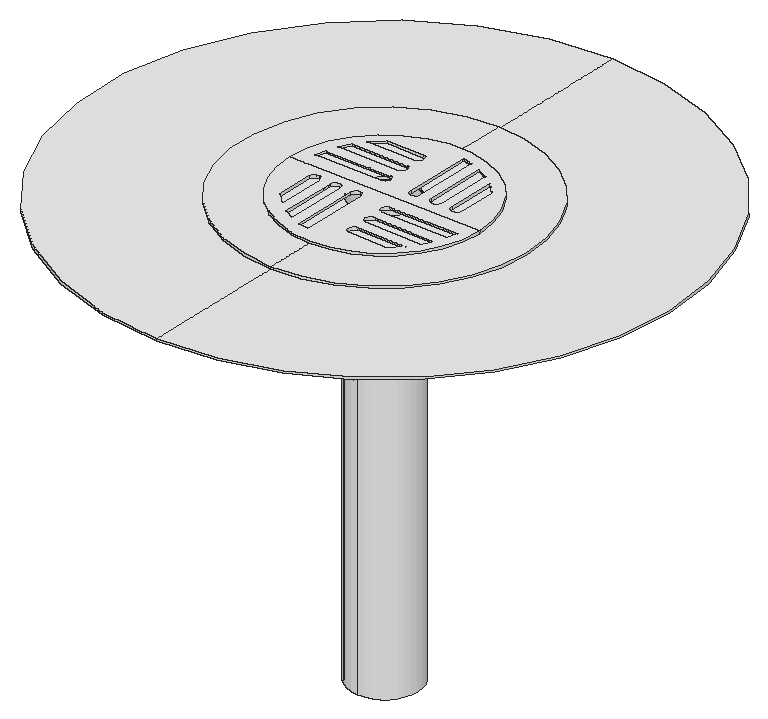
Revit family "Plumbing_Drainage_Menzies-Metal_Clamp-Tite_Aluminum-Flat-Top-Drain-no-Bowl", category Plumbing Fixtures, host Face, Revit 2018
Family settings
  Host = Face
  Round Connector Dimension = Use Diameter
  Part Type = Normal
  OmniClass Number = 23.70.50.21.24.11
  OmniClass Title = Roof Waste Water Drains
  Cut with Voids When Loaded = No
  Shared = No
  Room Calculation Point = No
Parameters (values of type "2"")
  Weight = 2.35 lbf
  URL = "https://www.menzies-metal.com/flat-roofing/clamp-tite-aluminum-flat-top-drain-no-bowl/"
  Product data url = "https://www.bimobject.com/menzies-metal/product/clamptite-flat-top-aluminum"
  Product Material = Metal - Menzies Metal Products - Aluminum
  Product Guid = "68190259-dc37-41aa-b211-56b248653319"
  Pipe Length Note = "Longer pipes available.  Pipes can be field cut to the desired length."  # constant formula
  Pipe Length = 12"
  Pipe Diameter = 1 7/8"
  Model = "300-3450"
  Manufacturer = "Menzies Metal Products"  # constant formula
  Edition number = 1
  Drain Flow = 0 GPM
  Description = "Clamp-Tite Aluminum Flat Top Drain No Bowl"  # constant formula
  Default Elevation = 48"
  Assembly Code = "D2040200"
Types (3): name | Weight | Pipe Diameter | Model
  2" | 2.35 lbf | 1 7/8" | "300-3450"
  3" | 2.55 lbf | 2 3/4" | "300-3451"
  4" | 3.75 lbf | 3 3/4" | "300-3452"
Reference planes (in)
  plane 1 "Center (Front/Back)": y = 0
  plane 2: z = 0
  plane 3 "Center (Left/Right)": x = 0
  plane 4: z = -12
  plane 5: y = 0.9375
  plane 6: y = -0.9375
  plane 7: y = 0.40591
  plane 8: y = -0.40591
  plane 9: z = 0
  plane 10: z = 0.05867
Forms (in)
  Revolve 1, solid, material "Metal - Menzies Metal Products - Aluminum" <- "Product Material", detail levels coarse
    sketch origin (0, 0, 0) x (0, 1, 0) y (0, 0, 1)
      loop
        line (8, 0.05867) -> (0, 0.05867) -> (0, -12) -> (0.9375, -12) -> (0.9375, 0) -> (8, 0) -> (8, 0.05867)
      axis (0, 0.05867) -> (0, -12)
    angle from 0 to 360
  Revolve 2, solid, material "Metal - Menzies Metal Products - Aluminum" <- "Product Material", detail levels medium+fine
    sketch origin (0, 0, 0) x (0, 1, 0) y (0, 0, 1)
      loop
        line (0.9375, 0) -> (8, 0) -> (8, 0.05867) -> (0.88672, 0.05867) -> (0.88672, -12) -> (0.9375, -12) -> (0.9375, 0)
      axis (0, 0.05867) -> (0, -12)
    angle from 0 to 360
  Revolve 3, void
    sketch origin (0, 0, 0) x (0, 1, 0) y (0, 0, 1)
      loop
        line (0.9375, -12) -> (0.9375, 0) -> (0, 0) -> (0, -12) -> (0.9375, -12)
      axis (0, 0) -> (0, -12)
    angle from 0 to 360
  Revolve 4, solid, material "Metal - Menzies Metal Products - Aluminum" <- "Product Material", detail levels medium+fine
    sketch origin (0, 0, 0) x (0, 1, 0) y (0, 0, 1)
      loop
        line (0.88672, 0.05867) -> (4, 0.05867) -> (4, 0.11968) -> (0.88672, 0.11968) -> (0.88672, 0.05867)
      axis (0, 0.11968) -> (0, 0.05867)
    angle from 0 to 360
  Revolve 5, solid, material "Metal - Menzies Metal Products - Aluminum" <- "Product Material", detail levels medium+fine
    sketch origin (0, 0, 0) x (1, 0, 0) y (0, 0, 1)
      loop
        line (0, 0.11968) -> (0, 0.17968) -> (-2.66, 0.17968) -> (-2.66, 0.11968) -> (0, 0.11968)
      axis (0, 0.17968) -> (0, 0.11968)
    angle from 0 to 360
  Extrusion 6, void
    sketch origin (0, 0, 0.17968) x (0, 1, 0) y (-1, 0, 0)
      loop
        line (-2.27459, 0.34093) -> (-0.41257, 0.34093)
        arc (-0.41257, 0.34093) -> (-0.26441, 0.48909) -> (-0.41257, 0.63726) r 0.14817
        line (-0.41257, 0.63726) -> (-2.20995, 0.63726)
        arc (-2.20995, 0.63726) -> (-2.24716, 0.49016) -> (-2.27459, 0.34093) r 2.3
      loop
        line (-2.10848, 0.91887) -> (-0.41257, 0.91887)
        arc (-0.41257, 0.91887) -> (-0.26451, 1.06693) -> (-0.41257, 1.215) r 0.14806
        line (-0.41257, 1.215) -> (-1.95289, 1.215)
        arc (-1.95289, 1.215) -> (-2.03608, 1.06976) -> (-2.10848, 0.91887) r 2.3
      loop
        line (-1.74516, 1.49814) -> (-0.41257, 1.49814)
        arc (-0.41257, 1.49814) -> (-0.2632, 1.64751) -> (-0.41257, 1.79689) r 0.14937
        line (-0.41257, 1.79689) -> (-1.43569, 1.79689)
        arc (-1.43569, 1.79689) -> (-1.59742, 1.65476) -> (-1.74516, 1.49814) r 2.3
      loop
        line (2.31852, -0.35561) -> (0.4565, -0.35561)
        arc (0.4565, -0.35561) -> (0.30834, -0.50377) -> (0.4565, -0.65194) r 0.14817
        line (0.4565, -0.65194) -> (2.25389, -0.65194)
        arc (2.25389, -0.65194) -> (2.2911, -0.50484) -> (2.31852, -0.35561) r 2.3
      loop
        line (2.15241, -0.93355) -> (0.4565, -0.93355)
        arc (0.4565, -0.93355) -> (0.30844, -1.08161) -> (0.4565, -1.22968) r 0.14806
        line (0.4565, -1.22968) -> (1.99682, -1.22968)
        arc (1.99682, -1.22968) -> (2.08001, -1.08444) -> (2.15241, -0.93355) r 2.3
      loop
        line (1.78909, -1.51282) -> (0.4565, -1.51282)
        arc (0.4565, -1.51282) -> (0.30713, -1.66219) -> (0.4565, -1.81157) r 0.14937
        line (0.4565, -1.81157) -> (1.47962, -1.81157)
        arc (1.47962, -1.81157) -> (1.64136, -1.66944) -> (1.78909, -1.51282) r 2.3
      loop
        line (0.4286, 2.29335) -> (0.4286, 0.43133)
        arc (0.4286, 0.43133) -> (0.57676, 0.28317) -> (0.72493, 0.43133) r 0.14817
        line (0.72493, 0.43133) -> (0.72493, 2.22872)
        arc (0.72493, 2.22872) -> (0.57783, 2.26592) -> (0.4286, 2.29335) r 2.3
      loop
        line (1.00654, 2.12724) -> (1.00654, 0.43133)
        arc (1.00654, 0.43133) -> (1.1546, 0.28327) -> (1.30267, 0.43133) r 0.14806
        line (1.30267, 0.43133) -> (1.30267, 1.97165)
        arc (1.30267, 1.97165) -> (1.15744, 2.05484) -> (1.00654, 2.12724) r 2.3
      loop
        line (1.58581, 1.76392) -> (1.58581, 0.43133)
        arc (1.58581, 0.43133) -> (1.73518, 0.28196) -> (1.88456, 0.43133) r 0.14937
        line (1.88456, 0.43133) -> (1.88456, 1.45445)
        arc (1.88456, 1.45445) -> (1.74243, 1.61618) -> (1.58581, 1.76392) r 2.3
      loop
        line (-0.3839, -2.35396) -> (-0.3839, -0.49194)
        arc (-0.3839, -0.49194) -> (-0.53207, -0.34377) -> (-0.68024, -0.49194) r 0.14817
        line (-0.68024, -0.49194) -> (-0.68024, -2.28932)
        arc (-0.68024, -2.28932) -> (-0.53314, -2.32653) -> (-0.3839, -2.35396) r 2.3
      loop
        line (-0.96185, -2.18785) -> (-0.96185, -0.49194)
        arc (-0.96185, -0.49194) -> (-1.10991, -0.34388) -> (-1.25797, -0.49194) r 0.14806
        line (-1.25797, -0.49194) -> (-1.25797, -2.03226)
        arc (-1.25797, -2.03226) -> (-1.11274, -2.11544) -> (-0.96185, -2.18785) r 2.3
      loop
        line (-1.54111, -1.82453) -> (-1.54111, -0.49194)
        arc (-1.54111, -0.49194) -> (-1.69049, -0.34257) -> (-1.83986, -0.49194) r 0.14937
        line (-1.83986, -0.49194) -> (-1.83986, -1.51506)
        arc (-1.83986, -1.51506) -> (-1.69774, -1.67679) -> (-1.54111, -1.82453) r 2.3
    from -0.17968 to 1.03965
  Revolve 7, solid, material "Metal - Menzies Metal Products - Aluminum" <- "Product Material", detail levels coarse
    sketch origin (0, 0, 0) x (1, 0, 0) y (0, 0, 1)
      loop
        line (0, 0.05867) -> (0, 0.11968) -> (-4, 0.11968) -> (-4, 0.05867) -> (0, 0.05867)
      axis (0, 0.11968) -> (0, 0.05867)
    angle from 0 to 360
  Revolve 8, solid, material "Metal - Menzies Metal Products - Aluminum" <- "Product Material", detail levels coarse
    sketch origin (0, 0, 0) x (0, 1, 0) y (0, 0, 1)
      loop
        line (0, 0.11968) -> (2.66, 0.11968) -> (2.66, 0.17968) -> (0, 0.17968) -> (0, 0.11968)
      axis (0, 0.17968) -> (0, 0.11968)
    angle from 0 to 360
  Revolve 9, solid, material "Metal - Menzies Metal Products - Aluminum" <- "Product Material", detail levels coarse
    sketch origin (0, 0, 0) x (1, 0, 0) y (0, 0, 1)
      loop
        line (0, 0.05867) -> (0, 0.11968) -> (-4, 0.11968) -> (-4, 0.05867) -> (0, 0.05867)
      axis (0, 0.11968) -> (0, 0.05867)
    angle from 0 to 360
Cuts and joins
  Extrusion 6 cuts Revolve 5
Lines and regions (in)
  Masking region 1
    outline origin (0, 0, 0) x (1, 0, 0) y (0, 1, 0)
      loop
        circle (0, 0) r 8
  symbolic lines
    curve 1: arc (4, 0, 0) -> (0, -4, 0) -> (-4, 0, 0) r 4
    curve 2: arc (-4, 0, 0) -> (0, 4, 0) -> (4, 0, 0) r 4
    curve 3: arc (0, -2.66, 0) -> (2.66, 0, 0) -> (0, 2.66, 0) r 2.66
    curve 4: arc (0, 2.66, 0) -> (-2.66, 0, 0) -> (0, -2.66, 0) r 2.66
  symbolic lines, detail levels medium+fine
    curve 5: arc (-0.63726, -2.20995, 0) -> (-0.49016, -2.24716, 0) -> (-0.34093, -2.27459, 0) r 2.3
    curve 6: arc (-1.215, -1.95289, 0) -> (-1.06976, -2.03608, 0) -> (-0.91887, -2.10848, 0) r 2.3
    curve 7: arc (-1.79689, -1.43569, 0) -> (-1.65476, -1.59742, 0) -> (-1.49814, -1.74516, 0) r 2.3
    curve 8: arc (-2.22872, 0.72493, 0) -> (-2.26592, 0.57783, 0) -> (-2.29335, 0.4286, 0) r 2.3
    curve 9: arc (-1.97165, 1.30267, 0) -> (-2.05484, 1.15744, 0) -> (-2.12724, 1.00654, 0) r 2.3
    curve 10: arc (-1.45445, 1.88456, 0) -> (-1.61618, 1.74243, 0) -> (-1.76392, 1.58581, 0) r 2.3
    curve 11: arc (0.65194, 2.25389, 0) -> (0.50484, 2.2911, 0) -> (0.35561, 2.31852, 0) r 2.3
    curve 12: arc (1.22968, 1.99682, 0) -> (1.08444, 2.08001, 0) -> (0.93355, 2.15241, 0) r 2.3
    curve 13: arc (1.81157, 1.47962, 0) -> (1.66944, 1.64136, 0) -> (1.51282, 1.78909, 0) r 2.3
    curve 14: arc (2.28932, -0.68024, 0) -> (2.32653, -0.53314, 0) -> (2.35396, -0.3839, 0) r 2.3
    curve 15: arc (2.03226, -1.25797, 0) -> (2.11544, -1.11274, 0) -> (2.18785, -0.96185, 0) r 2.3
    curve 16: arc (1.51506, -1.83986, 0) -> (1.67679, -1.69774, 0) -> (1.82453, -1.54111, 0) r 2.3
    curve 17: line (0.49194, -1.83986, 0) -> (1.51506, -1.83986, 0)
    curve 18: arc (0.49194, -1.54111, 0) -> (0.34257, -1.69049, 0) -> (0.49194, -1.83986, 0) r 0.14937
    curve 19: line (1.82453, -1.54111, 0) -> (0.49194, -1.54111, 0)
    curve 20: line (0.49194, -1.25797, 0) -> (2.03226, -1.25797, 0)
    curve 21: arc (0.49194, -0.96185, 0) -> (0.34388, -1.10991, 0) -> (0.49194, -1.25797, 0) r 0.14806
    curve 22: line (2.18785, -0.96185, 0) -> (0.49194, -0.96185, 0)
    curve 23: line (0.49194, -0.68024, 0) -> (2.28932, -0.68024, 0)
    curve 24: arc (0.49194, -0.3839, 0) -> (0.34377, -0.53207, 0) -> (0.49194, -0.68024, 0) r 0.14817
    curve 25: line (2.35396, -0.3839, 0) -> (0.49194, -0.3839, 0)
    curve 26: line (-0.34093, -2.27459, 0) -> (-0.34093, -0.41257, 0)
    curve 27: line (-0.63726, -0.41257, 0) -> (-0.63726, -2.20995, 0)
    curve 28: arc (-0.34093, -0.41257, 0) -> (-0.48909, -0.26441, 0) -> (-0.63726, -0.41257, 0) r 0.14817
    curve 29: line (-1.215, -0.41257, 0) -> (-1.215, -1.95289, 0)
    curve 30: arc (-0.91887, -0.41257, 0) -> (-1.06693, -0.26451, 0) -> (-1.215, -0.41257, 0) r 0.14806
    curve 31: line (-0.91887, -2.10848, 0) -> (-0.91887, -0.41257, 0)
    curve 32: line (-1.79689, -0.41257, 0) -> (-1.79689, -1.43569, 0)
    curve 33: arc (-1.49814, -0.41257, 0) -> (-1.64751, -0.2632, 0) -> (-1.79689, -0.41257, 0) r 0.14937
    curve 34: line (-1.49814, -1.74516, 0) -> (-1.49814, -0.41257, 0)
    curve 35: line (-2.29335, 0.4286, 0) -> (-0.43133, 0.4286, 0)
    curve 36: line (-0.43133, 0.72493, 0) -> (-2.22872, 0.72493, 0)
    curve 37: arc (-0.43133, 0.4286, 0) -> (-0.28317, 0.57676, 0) -> (-0.43133, 0.72493, 0) r 0.14817
    curve 38: line (-2.12724, 1.00654, 0) -> (-0.43133, 1.00654, 0)
    curve 39: line (-0.43133, 1.30267, 0) -> (-1.97165, 1.30267, 0)
    curve 40: arc (-0.43133, 1.00654, 0) -> (-0.28327, 1.1546, 0) -> (-0.43133, 1.30267, 0) r 0.14806
    curve 41: line (-1.76392, 1.58581, 0) -> (-0.43133, 1.58581, 0)
    curve 42: line (-0.43133, 1.88456, 0) -> (-1.45445, 1.88456, 0)
    curve 43: arc (-0.43133, 1.58581, 0) -> (-0.28196, 1.73518, 0) -> (-0.43133, 1.88456, 0) r 0.14937
    curve 44: line (0.35561, 2.31852, 0) -> (0.35561, 0.4565, 0)
    curve 45: arc (0.35561, 0.4565, 0) -> (0.50377, 0.30834, 0) -> (0.65194, 0.4565, 0) r 0.14817
    curve 46: line (0.65194, 0.4565, 0) -> (0.65194, 2.25389, 0)
    curve 47: line (0.93355, 2.15241, 0) -> (0.93355, 0.4565, 0)
    curve 48: arc (0.93355, 0.4565, 0) -> (1.08161, 0.30844, 0) -> (1.22968, 0.4565, 0) r 0.14806
    curve 49: line (1.22968, 0.4565, 0) -> (1.22968, 1.99682, 0)
    curve 50: line (1.51282, 1.78909, 0) -> (1.51282, 0.4565, 0)
    curve 51: arc (1.51282, 0.4565, 0) -> (1.66219, 0.30713, 0) -> (1.81157, 0.4565, 0) r 0.14937
    curve 52: line (1.81157, 0.4565, 0) -> (1.81157, 1.47962, 0)
Dimensions and locks (in)
  equal spacing: plane 5, plane 1 "Center (Front/Back)", plane 6
  "Pipe Diameter": plane 5 to plane 6
  equal spacing: plane 8, plane 1 "Center (Front/Back)", plane 7
  locked: plane 7 to plane 8 at 0.81181
  locked: plane 5 to Revolve 2 sketch curve at 0.05078
  level to Revolve 3 sketch curve = 0"
  "Pipe Length": plane 9 to plane 4
  Revolve 2 sketch curve to Revolve 2 sketch curve = 8"
  Revolve 4 sketch curve to plane 1 "Center (Front/Back)" = 4"
  Revolve 8 sketch curve to Revolve 8 sketch curve = 2.66"
  aligned and locked: plane 2 to host face
  aligned and locked: level to host face
  aligned and locked: Revolve 1 sketch curve to plane 4
  aligned and locked: Revolve 1 sketch curve to plane 5
  aligned and locked: plane 5 to Revolve 2 sketch curve
  aligned and locked: Revolve 2 sketch curve to plane 4
  aligned and locked: Revolve 3 sketch curve to plane 4
  aligned and locked: Revolve 3 sketch curve to plane 1 "Center (Front/Back)"
  aligned and locked: plane 5 to Revolve 3 sketch curve
  aligned and locked: Revolve 2 to Revolve 1 sketch curve
  aligned and locked: plane 9 to level
  aligned and locked: Revolve 2 sketch curve to plane 10
  aligned and locked: Revolve 4 sketch curve to Revolve 1
  aligned and locked: Revolve 4 sketch curve to Revolve 2
  aligned and locked: Revolve 5 sketch curve to Revolve 4  (x2)
  aligned and locked: Revolve 5 sketch curve to plane 3 "Center (Left/Right)"
  aligned and locked: Revolve 1 to Revolve 7 sketch curve
  aligned and locked: Revolve 7 sketch curve to Revolve 1
  aligned and locked: Revolve 7 sketch curve to Revolve 4
  aligned and locked: Revolve 7 sketch curve to plane 3 "Center (Left/Right)"
  aligned and locked: Revolve 8 sketch curve to Revolve 4
  aligned and locked: Revolve 8 sketch curve to cut or joined group of Revolve 5, Extrusion 6
  aligned and locked: plane 1 "Center (Front/Back)" to Revolve 8 sketch curve
  aligned and locked: Revolve 8 sketch curve to plane 1 "Center (Front/Back)"
  aligned and locked: Revolve 9 sketch curve to Revolve 1  (x2)
  aligned and locked: Revolve 9 sketch curve to Revolve 7  (x2)
  aligned and locked: Revolve 9 sketch curve to plane 3 "Center (Left/Right)"
  aligned and locked: Masking region 1 sketch curve to Revolve 2  (x2)
  aligned and locked: curve 1 to Revolve 9
  aligned and locked: curve 2 to Revolve 9
  aligned and locked: curve 3 to Revolve 8
  aligned and locked: curve 4 to Revolve 8
Automatic sketch dimensions
  host sketch curve to host sketch curve = 58.72157"
  host sketch curve to host sketch curve = 96.64874"
  Revolve 3 sketch curve to plane 1 "Center (Front/Back)" = 0"
  Revolve 3 sketch curve to plane 4 = 11.05867"
  plane 10 to Revolve 3 sketch curve = 92.21719"
  Revolve 2 sketch curve to plane 1 "Center (Front/Back)" = 0"
  Revolve 2 sketch curve to level = 0"
  Revolve 2 sketch curve to plane 4 = 20.25"
  plane 10 to Revolve 2 sketch curve = 92.21719"
  Revolve 1 sketch curve to plane 1 "Center (Front/Back)" = 0"  (x2)
  Revolve 1 sketch curve to level = 0"
  plane 10 to Revolve 1 sketch curve = 0"
  Revolve 1 sketch curve to plane 4 = 7.17947"
  Revolve 1 sketch curve to Revolve 1 sketch curve = 92.21719"
  Revolve 4 sketch curve to plane 1 "Center (Front/Back)" = 0"
  plane 10 to Revolve 4 sketch curve = 0.06101"
  Revolve 4 sketch curve to plane 4 = 12"
  Revolve 4 sketch curve to Revolve 4 sketch curve = 92.15618"
  plane 10 to Revolve 5 sketch curve = 0.12101"
  Revolve 5 sketch curve to Revolve 5 sketch curve = 2.66"
  Revolve 5 sketch curve to plane 4 = 12"
  Revolve 5 sketch curve to Revolve 5 sketch curve = 102.53914"
  Extrusion 6 sketch curve to Extrusion 6 sketch curve = 0"  (x19)
  Extrusion 6 sketch curve to Revolve 5 = 0.04393"
  Revolve 5 to Extrusion 6 sketch curve = 0.41257"  (x3)
  Extrusion 6 sketch curve to Extrusion 6 sketch curve = 1.02312"  (x4)
  Extrusion 6 sketch curve to Extrusion 6 sketch curve = 0.30947"  (x2)
  Extrusion 6 sketch curve to Extrusion 6 sketch curve = 0.20773"  (x4)
  Extrusion 6 sketch curve to Extrusion 6 sketch curve = 0.15559"  (x2)
  Extrusion 6 sketch curve to Extrusion 6 sketch curve = 0.10148"  (x4)
  Extrusion 6 sketch curve to Extrusion 6 sketch curve = 0.06464"  (x2)
  Extrusion 6 sketch curve to Extrusion 6 sketch curve = 0.34093"
  Extrusion 6 sketch curve to Extrusion 6 sketch curve = 0.14817"  (x2)
  Extrusion 6 sketch curve to Extrusion 6 sketch curve = 0.28161"  (x3)
  Extrusion 6 sketch curve to Extrusion 6 sketch curve = 0.14806"  (x2)
  Extrusion 6 sketch curve to Extrusion 6 sketch curve = 0.28314"  (x3)
  Extrusion 6 sketch curve to Extrusion 6 sketch curve = 0.14937"  (x2)
  Extrusion 6 sketch curve to Revolve 5 = 0.08767"
  Extrusion 6 sketch curve to Revolve 5 = 0.4565"
  Extrusion 6 sketch curve to Revolve 5 = 0.4286"
  Extrusion 6 sketch curve to Extrusion 6 sketch curve = 0.01468"
  Extrusion 6 sketch curve to Extrusion 6 sketch curve = 0.4203"
  Extrusion 6 sketch curve to Extrusion 6 sketch curve = 0.35561"
  Extrusion 6 sketch curve to Extrusion 6 sketch curve = 0.41257"  (x3)
  Extrusion 6 sketch curve to Extrusion 6 sketch curve = 0.01876"
  Extrusion 6 sketch curve to Extrusion 6 sketch curve = 0.78694"
  Extrusion 6 sketch curve to Extrusion 6 sketch curve = 2.23162"
  Revolve 7 sketch curve to Revolve 7 sketch curve = 4"
  Revolve 7 sketch curve to plane 4 = 11.05867"
  Revolve 7 sketch curve to Revolve 7 sketch curve = 102.59914"
  Revolve 9 sketch curve to plane 4 = 13"
  Revolve 9 sketch curve to Revolve 9 sketch curve = 102.59914"
  Revolve 8 sketch curve to plane 4 = 11.05867"
  Revolve 8 sketch curve to Revolve 8 sketch curve = 92.09618"
  curve 1 to curve 5 = 0"  (x2)
  curve 1 to curve 6 = 0"  (x2)
  curve 1 to curve 7 = 0"  (x2)
  curve 8 to curve 9 = 0"  (x2)
  curve 8 to curve 10 = 0"
  curve 9 to curve 10 = 0"
  curve 11 to curve 12 = 0"  (x2)
  curve 11 to curve 13 = 0"  (x2)
  curve 14 to curve 15 = 0"
  curve 14 to curve 16 = 0"
  curve 15 to curve 16 = 0"  (x2)
  curve 8 to plane 3 "Center (Left/Right)" = 0.01876"
  plane 3 "Center (Left/Right)" to curve 13 = 0.01468"
  plane 3 "Center (Left/Right)" to curve 15 = 0.07937"
  plane 1 "Center (Front/Back)" to curve 14 = 0.04298"
  curve 12 to plane 1 "Center (Front/Back)" = 0.04393"
  curve 11 to curve 8 = 0.04374"
  plane 7 to curve 8 = 0.02269"
  curve 2 to curve 8 = 1.70665"
  plane 5 to curve 8 = 0.21257"
  curve 9 to plane 5 = 0.06904"
  curve 8 to curve 9 = 0.10148"
  curve 9 to curve 9 = 0.15559"
  curve 7 to plane 6 = 0.49819"
  curve 7 to plane 3 "Center (Left/Right)" = 1.79689"
  curve 9 to curve 10 = 0.20773"
  curve 10 to curve 10 = 0.30947"
  curve 7 to curve 6 = 0.28314"
  curve 6 to curve 5 = 0.28161"
  curve 5 to curve 5 = 0.29633"
  plane 3 "Center (Left/Right)" to curve 11 = 0.35561"
  plane 3 "Center (Left/Right)" to curve 17 = 0.49194"
  curve 11 to curve 12 = 0.28161"
  curve 12 to curve 13 = 0.28314"
  curve 17 to curve 16 = 0.30947"
  curve 16 to curve 15 = 0.20773"
  curve 15 to plane 6 = 0.02435"
  curve 15 to curve 14 = 0.10148"
  plane 8 to curve 14 = 0.022"
  curve 14 to curve 14 = 0.06464"
  curve 4 to curve 5 = 0.38541"
  curve 5 to curve 6 = 0.10148"
  curve 13 to plane 5 = 0.54212"
  curve 9 to curve 10 = 0.28314"
  curve 13 to curve 12 = 0.20773"
  curve 12 to curve 11 = 0.10148"
  curve 18 to curve 18 = 0.14937"
  curve 20 to curve 19 = 0"
  curve 21 to curve 21 = 0.14806"
  curve 23 to curve 22 = 0"
  curve 24 to plane 8 = 0.12616"
  curve 27 to plane 8 = 0.00667"
  curve 29 to plane 8 = 0.00667"
  curve 30 to curve 30 = 0.14806"
  curve 32 to plane 8 = 0.00667"
  curve 33 to curve 33 = 0.14937"
  curve 35 to plane 3 "Center (Left/Right)" = 0.43133"
  curve 38 to curve 36 = 0"
  curve 41 to curve 39 = 0"
  plane 7 to curve 44 = 0.0506"
  curve 45 to curve 45 = 0.14817"
  plane 7 to curve 47 = 0.0506"
  curve 48 to curve 48 = 0.14806"
  plane 7 to curve 50 = 0.0506"
  curve 51 to curve 51 = 0.14937"
  radius of Extrusion 6 sketch curve to Revolve 5 = 0.36"  (x3)
Connectors (in)
  piping at (0, 0, -12), diameter 1.875, driven by "Drain Flow", driven by "Pipe Diameter"
    settings: on Revolve 2, index 1, connector inside diameter 24", connector length 0", flow factor 0, pipe flow 0 GPM, pressure drop 0.00 psi, fitting loss kfactor 0, connector angle 0.00°, fixture units 0, engagement length 0", angle of deflection 0.00°, flow configuration 0, flow direction 2, fitting loss method 0, system type 22, joint type 0, gender type 0, connector reference index -1, connector utility 0, adjustable connector no, is connector primary yes, connector description "Connector for Roof Drain"
